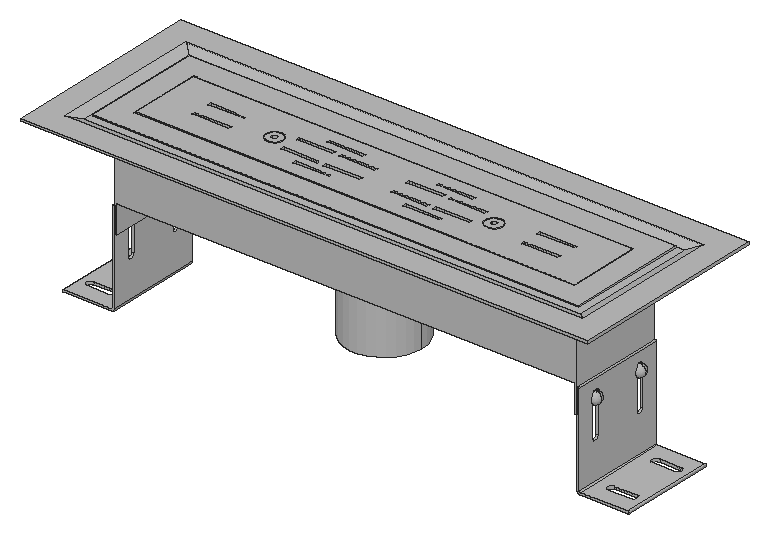
Revit family "xxxFloor_Drain-Linear-Whitehall_Manufacturing-BestCare-WHLVD_Series.rfaxxx", category Plumbing Fixtures, host Face, Revit 2019
Family settings
  Host = Face
  Round Connector Dimension = Use Diameter
  Part Type = Normal
  OmniClass Number = 23.45.55.21
  OmniClass Title = Drains (Wastes)
  Cut with Voids When Loaded = Yes
  Shared = No
  Room Calculation Point = No
Parameters (values of type "WHLVD-12")
  Waste Connection = yes
  WFU = 0
  Vent Connection = no
  WHLVD-24 24” Linear Vinyl Clamping Drain = no
  URL = "https://www.whitehallmfg.com/home"
  WHLVD-36 36” Linear Vinyl Clamping Drain = no
  WHLVD-12 12” Linear Vinyl Clamping Drain = yes
  Product Page URL = "https://www.whitehallmfg.com/product.aspx?ProductId=1139"
  Product Documentation Link = "https://www.whitehallmfg.com/uploads/fileLibrary/WHLVD.pdf"
  Outlet Diameter Connection = 2"
  Open Area = "3.00 sq. in."
  Model = "WHLVD-12"
  Materials = "Stainless Steel-Whitehall Mfg-Satin"
  Manufacturer = "Whitehall Manufacturing"
  Installation Type = "Floor Mounted"
  Installation Instruction Link = "https://www.whitehallmfg.com/uploads/fileLibrary/6900-224-001%20WHLVD.pdf"
  WHLVD-48 48” Linear Vinyl Clamping Drain = no
  Height = 4 7/8"
  HWFU = 0
  HW Connection = no
  Finish = Stainless Steel-Whitehall Mfg-Satin
  Description = "BestCare® Ligature-Resistant Linear Drain for Vinyl Floor"
  Default Elevation = 2"
  Creation Date = "11/07/2022"
  Compliance Certifications = "Member of U.S. Green Building Council, Recyclable ProductMember of U.S. Green Building Council, Recyclable Product"
  CWFU = 0
  CW Connection = no
  Assembly Code = "D2030300"
  A/2 = A / 4  # 3"
  A = 12"
Types (5): name | WHLVD-24 24” Linear Vinyl Clamping Drain | WHLVD-36 36” Linear Vinyl Clamping Drain | WHLVD-12 12” Linear Vinyl Clamping Drain | Open Area | Model | WHLVD-48 48” Linear Vinyl Clamping Drain | A/2 | A
  (no name) | no | no | yes | "3.00 sq. in." | "WHLVD-12" | no | 3" | 12"
  WHLVD-12 | no | no | yes | "3.00 sq. in." | "WHLVD-12" | no | 3" | 12"
  WHLVD-24 | yes | no | no | "5.90 sq. in." | "WHLVD-24" | no | 6" | 24"
  WHLVD-36 | no | yes | no | "9.27 sq. in." | "WHLVD-36" | no | 9" | 36"
  WHLVD-48 | no | no | no | "12.50 sq. in." | "WHLVD-48" | yes | 12" | 48"
Reference planes (in)
  plane 1 "Center (Front/Back)": y = 0
  plane 2: z = 0
  plane 3 "Center (Left/Right)": x = 0
  plane 4 "A-left": x = -6
  plane 5 "A-right": x = 6
  plane 6: x = -7.75
  plane 7: x = 7.75
  plane 8 "2 top": y = 1
  plane 9 "2 bot": y = -1
  plane 10: y = 1.3125
  plane 11: y = -1.3125
  plane 12: y = 2.75
  plane 13: y = -2.75
  plane 14: x = -3
  plane 15: x = 3
  plane 16: x = -3
  plane 17: x = -4.5
  plane 18: x = -1.5
  plane 19: x = -3
  plane 20: x = 3
  plane 21: x = 4.5
  plane 22: x = 1.5
  plane 23: z = -3.75
  plane 24: z = -4.875
Forms (in)
  Sweep 1, solid, material "Stainless Steel-Whitehall Mfg-Satin" <- "Finish"
    path origin (0, 0, 0) x (1, 0, 0) y (0, 1, 0)
      loop
        line (7.75, 2.75) -> (-7.75, 2.75) -> (-7.75, -2.75) -> (7.75, -2.75) -> (7.75, 2.75)
    profile origin (0, 2.75, 0) x (0, -1, 0) y (0, 0, 1)
      loop
        line (1.49219, -0.15598) -> (1.71875, -0.15598) -> (1.71875, 0) -> (1.09947, 0) -> (1.09947, -0.03928) -> (1.29936, -0.03928) -> (1.29936, -0.09824) -> (0.96892, -0.09824) -> (0.67902, 0) -> (0, 0) -> (0, -0.06238) -> (0.69272, -0.06238) -> (0.96892, -0.15598) -> (1.4375, -0.15598) -> (1.4375, -2.19411) -> (1.49219, -2.19411) -> (1.49219, -0.15598)
  Extrusion 2, solid, material "Stainless Steel-Whitehall Mfg-Satin" <- "Finish"
    sketch origin (0, 0, 0) x (1, 0, 0) y (0, 1, 0)
      loop
        line (-6, 1) -> (-6, -1) -> (6, -1) -> (6, 1) -> (-6, 1)
    from -0.15598 to 0
  Extrusion 3, void
    sketch origin (0, 0, 0) x (1, 0, 0) y (0, 1, 0)
      loop
        circle (-3, 0) r 0.22266
      loop
        circle (3, 0) r 0.22266
      loop
        circle (-3, 0) r 0.07117
      loop
        circle (3, 0) r 0.07117
      loop
        circle (-3, 0) r 0.23828
      loop
        circle (3, 0) r 0.23828
    from -0.15598 to 0
  Extrusion 4, void
    sketch origin (0, 0, 0) x (1, 0, 0) y (0, 1, 0)
      loop
        line (-5, 0.3125) -> (-5, 0.21875) -> (-4, 0.21875) -> (-4, 0.3125) -> (-5, 0.3125)
      loop
        line (-5, -0.3125) -> (-4, -0.3125) -> (-4, -0.21875) -> (-5, -0.21875) -> (-5, -0.3125)
      loop
        line (-1.57812, 0.3125) -> (-2.57812, 0.3125) -> (-2.57812, 0.21875) -> (-1.57812, 0.21875) -> (-1.57812, 0.3125)
      loop
        line (-1.42187, 0.3125) -> (-1.42187, 0.21875) -> (-0.42187, 0.21875) -> (-0.42187, 0.3125) -> (-1.42187, 0.3125)
      loop
        line (-1, 0.625) -> (-2, 0.625) -> (-2, 0.53125) -> (-1, 0.53125) -> (-1, 0.625)
      loop
        line (-1, -0.625) -> (-1, -0.53125) -> (-2, -0.53125) -> (-2, -0.625) -> (-1, -0.625)
      loop
        line (-1.57812, -0.3125) -> (-1.57812, -0.21875) -> (-2.57812, -0.21875) -> (-2.57812, -0.3125) -> (-1.57812, -0.3125)
      loop
        line (-1.42187, -0.3125) -> (-0.42187, -0.3125) -> (-0.42187, -0.21875) -> (-1.42187, -0.21875) -> (-1.42187, -0.3125)
      loop
        line (5, 0.3125) -> (4, 0.3125) -> (4, 0.21875) -> (5, 0.21875) -> (5, 0.3125)
      loop
        line (5, -0.3125) -> (5, -0.21875) -> (4, -0.21875) -> (4, -0.3125) -> (5, -0.3125)
      loop
        line (1.57813, 0.3125) -> (1.57813, 0.21875) -> (2.57813, 0.21875) -> (2.57813, 0.3125) -> (1.57813, 0.3125)
      loop
        line (1.42188, 0.3125) -> (0.42188, 0.3125) -> (0.42188, 0.21875) -> (1.42188, 0.21875) -> (1.42188, 0.3125)
      loop
        line (1, 0.625) -> (1, 0.53125) -> (2, 0.53125) -> (2, 0.625) -> (1, 0.625)
      loop
        line (1.57813, -0.3125) -> (2.57813, -0.3125) -> (2.57813, -0.21875) -> (1.57813, -0.21875) -> (1.57813, -0.3125)
      loop
        line (1.42188, -0.3125) -> (1.42188, -0.21875) -> (0.42188, -0.21875) -> (0.42188, -0.3125) -> (1.42188, -0.3125)
      loop
        line (1, -0.625) -> (2, -0.625) -> (2, -0.53125) -> (1, -0.53125) -> (1, -0.625)
    from -0.40789 to 0.10605
  Sweep 5, solid, material "Stainless Steel-Whitehall Mfg-Satin" <- "Finish"
    path origin (0, 0, 0) x (1, 0, 0) y (0, 1, 0)
      loop
        circle (0, 0) r 1
    profile origin (0, 1, 0) x (0, -1, 0) y (0, 0, 1)
      loop
        line (0, -3.75) -> (0, -2.19411) -> (-0.03831, -2.19411) -> (-0.03831, -3.75) -> (0, -3.75)
  Extrusion 6, solid, material "Stainless Steel-Whitehall Mfg-Satin" <- "Finish"
    sketch origin (6.25781, 1.25781, -2.19411) x (0, 1, 0) y (1, 0, 0)
      loop
        line (0, 0) -> (-2.51562, 0) -> (-2.51562, -12.51562) -> (0, -12.51562) -> (0, 0)
    from 0 to -0.06808
  Sweep 7, solid, material "Stainless Steel-Whitehall Mfg-Satin" <- "Finish"
    path origin (6.25781, 1.25781, -2.19411) x (0, 1, 0) y (-1, 0, 0)
      loop
        line (-2.57031, 12.57031) -> (0.05469, 12.57031)
    profile origin (-6.3125, 0, -2.19411) x (-1, 0, 0) y (0, 0, 1)
      loop
        arc (0, -2.58545) -> (0.02796, -2.65294) -> (0.09545, -2.68089) r 0.09545
        line (0.09545, -2.68089) -> (1.40625, -2.68089)
        arc (1.40625, -2.68089) -> (1.4375, -2.64964) -> (1.40625, -2.61839) r 0.03125
        line (1.40625, -2.61839) -> (0.09545, -2.61839)
        arc (0.09545, -2.61839) -> (0.07215, -2.60874) -> (0.0625, -2.58545) r 0.03295
        line (0.0625, -2.58545) -> (0.0625, -0.08984)
        arc (0.0625, -0.08984) -> (0.03125, -0.05859) -> (0, -0.08984) r 0.03125
        line (0, -0.08984) -> (0, -2.58545)
  Sweep 8, solid, material "Stainless Steel-Whitehall Mfg-Satin" <- "Finish"
    path origin (6.25781, 1.25781, -2.19411) x (0, 1, 0) y (-1, 0, 0)
      loop
        line (-2.57031, 12.57031) -> (0.05469, 12.57031)
    profile origin (-6.3125, 0, -2.19411) x (-1, 0, 0) y (0, 0, 1)
      loop
        line (-0.0625, -0.75) -> (0, -0.75) -> (0, 0) -> (-0.0625, 0) -> (-0.0625, -0.75)
  Sweep 9, solid, material "Stainless Steel-Whitehall Mfg-Satin" <- "Finish"
    path origin (-39.25781, 1.25781, -2.19411) x (0, -1, 0) y (1, 0, 0)
      loop
        line (2.57031, 45.57031) -> (-0.05469, 45.57031)
    profile origin (6.3125, 0, -2.19411) x (-1, 0, 0) y (0, 0, 1)
      loop
        line (0, -2.58545) -> (0, -0.08984)
        arc (0, -0.08984) -> (-0.03125, -0.05859) -> (-0.0625, -0.08984) r 0.03125
        line (-0.0625, -0.08984) -> (-0.0625, -2.58545)
        arc (-0.0625, -2.58545) -> (-0.07215, -2.60874) -> (-0.09545, -2.61839) r 0.03295
        line (-0.09545, -2.61839) -> (-1.40625, -2.61839)
        arc (-1.40625, -2.61839) -> (-1.4375, -2.64964) -> (-1.40625, -2.68089) r 0.03125
        line (-1.40625, -2.68089) -> (-0.09545, -2.68089)
        arc (-0.09545, -2.68089) -> (-0.02796, -2.65294) -> (0, -2.58545) r 0.09545
  Sweep 10, solid, material "Stainless Steel-Whitehall Mfg-Satin" <- "Finish"
    path origin (-39.25781, 1.25781, -2.19411) x (0, -1, 0) y (1, 0, 0)
      loop
        line (2.57031, 45.57031) -> (-0.05469, 45.57031)
    profile origin (6.3125, 0, -2.19411) x (-1, 0, 0) y (0, 0, 1)
      loop
        line (0.0625, -0.75) -> (0.0625, 0) -> (0, 0) -> (0, -0.75) -> (0.0625, -0.75)
  Sweep 11, void
    path origin (0, 0, 0) x (1, 0, 0) y (0, 0, 1)
      loop
        line (-7.06335, -4.8125) -> (-7.06335, -4.875)
    profile origin (-7.06335, 0, -4.84375) x (0, -1, 0) y (1, 0, 0)
      loop
        line (-0.65149, -0.3604) -> (-0.65149, 0.2371)
        arc (-0.65149, 0.2371) -> (-0.75895, 0.34456) -> (-0.86642, 0.2371) r 0.10747
        line (-0.86642, 0.2371) -> (-0.86642, -0.3604)
        arc (-0.86642, -0.3604) -> (-0.75895, -0.46787) -> (-0.65149, -0.3604) r 0.10747
      loop
        arc (0.65149, -0.3604) -> (0.75895, -0.46787) -> (0.86642, -0.3604) r 0.10747
        line (0.86642, -0.3604) -> (0.86642, 0.2371)
        arc (0.86642, 0.2371) -> (0.75895, 0.34456) -> (0.65149, 0.2371) r 0.10747
        line (0.65149, 0.2371) -> (0.65149, -0.3604)
  Sweep 12, void
    path origin (0, 0, 0) x (-1, 0, 0) y (0, 0, 1)
      loop
        line (-7.06335, -4.8125) -> (-7.06335, -4.875)
    profile origin (7.06335, 0, -4.84375) x (0, -1, 0) y (1, 0, 0)
      loop
        arc (-0.65149, 0.3604) -> (-0.75895, 0.46787) -> (-0.86642, 0.3604) r 0.10747
        line (-0.86642, 0.3604) -> (-0.86642, -0.2371)
        arc (-0.86642, -0.2371) -> (-0.75895, -0.34456) -> (-0.65149, -0.2371) r 0.10747
        line (-0.65149, -0.2371) -> (-0.65149, 0.3604)
      loop
        line (0.65149, 0.3604) -> (0.65149, -0.2371)
        arc (0.65149, -0.2371) -> (0.75895, -0.34456) -> (0.86642, -0.2371) r 0.10747
        line (0.86642, -0.2371) -> (0.86642, 0.3604)
        arc (0.86642, 0.3604) -> (0.75895, 0.46787) -> (0.65149, 0.3604) r 0.10747
  Sweep 13, void
    path origin (0, 0, 0.125) x (1, 0, 0) y (0, 0, 1)
      loop
        line (-6.375, -3.25) -> (-6.3125, -3.25)
    profile origin (-6.34375, 0, -3.125) x (0, 0, 1) y (0, -1, 0)
      loop
        line (-0.57914, -0.86642) -> (0.49076, -0.86642)
        arc (0.49076, -0.86642) -> (0.59823, -0.75895) -> (0.49076, -0.65149) r 0.10747
        line (0.49076, -0.65149) -> (-0.57914, -0.65149)
        arc (-0.57914, -0.65149) -> (-0.68661, -0.75895) -> (-0.57914, -0.86642) r 0.10747
      loop
        arc (-0.57914, 0.86642) -> (-0.68661, 0.75895) -> (-0.57914, 0.65149) r 0.10747
        line (-0.57914, 0.65149) -> (0.49076, 0.65149)
        arc (0.49076, 0.65149) -> (0.59823, 0.75895) -> (0.49076, 0.86642) r 0.10747
        line (0.49076, 0.86642) -> (-0.57914, 0.86642)
  Revolve 14, solid, material "Stainless Steel-Whitehall Mfg-Satin" <- "Finish"
    sketch origin (0, 0.75895, -0.14063) x (1, 0, 0) y (0, 0, 1)
      loop
        line (-6.375, -2.5984) -> (-6.375, -2.43955)
        arc (-6.375, -2.43955) -> (-6.48733, -2.48608) -> (-6.53385, -2.5984) r 0.15885
        line (-6.53385, -2.5984) -> (-6.375, -2.5984)
      axis (-6.53385, -2.5984) -> (-6.375, -2.5984)
    angle from 0 to 360
  Revolve 15, solid, material "Stainless Steel-Whitehall Mfg-Satin" <- "Finish"
    sketch origin (0, -0.75895, -0.14063) x (1, 0, 0) y (0, 0, -1)
      loop
        line (-6.375, 2.5984) -> (-6.53385, 2.5984)
        arc (-6.53385, 2.5984) -> (-6.48733, 2.48608) -> (-6.375, 2.43955) r 0.15885
        line (-6.375, 2.43955) -> (-6.375, 2.5984)
      axis (-6.53385, 2.5984) -> (-6.375, 2.5984)
    angle from 0 to 360
  Sweep 16, void
    path origin (0, 0, 0.125) x (-1, 0, 0) y (0, 0, 1)
      loop
        line (-6.375, -3.25) -> (-6.3125, -3.25)
    profile origin (6.34375, 0, -3.125) x (0, 0, -1) y (0, -1, 0)
      loop
        arc (0.57914, -0.86642) -> (0.68661, -0.75895) -> (0.57914, -0.65149) r 0.10747
        line (0.57914, -0.65149) -> (-0.49076, -0.65149)
        arc (-0.49076, -0.65149) -> (-0.59823, -0.75895) -> (-0.49076, -0.86642) r 0.10747
        line (-0.49076, -0.86642) -> (0.57914, -0.86642)
      loop
        line (0.57914, 0.86642) -> (-0.49076, 0.86642)
        arc (-0.49076, 0.86642) -> (-0.59823, 0.75895) -> (-0.49076, 0.65149) r 0.10747
        line (-0.49076, 0.65149) -> (0.57914, 0.65149)
        arc (0.57914, 0.65149) -> (0.68661, 0.75895) -> (0.57914, 0.86642) r 0.10747
  Revolve 17, solid, material "Stainless Steel-Whitehall Mfg-Satin" <- "Finish"
    sketch origin (0, 0.75895, -0.14063) x (-1, 0, 0) y (0, 0, -1)
      loop
        line (-6.375, 2.5984) -> (-6.53385, 2.5984)
        arc (-6.53385, 2.5984) -> (-6.48733, 2.48608) -> (-6.375, 2.43955) r 0.15885
        line (-6.375, 2.43955) -> (-6.375, 2.5984)
      axis (-6.53385, 2.5984) -> (-6.375, 2.5984)
    angle from 0 to 360
  Revolve 18, solid, material "Stainless Steel-Whitehall Mfg-Satin" <- "Finish"
    sketch origin (0, -0.75895, -0.14063) x (-1, 0, 0) y (0, 0, 1)
      loop
        line (-6.375, -2.5984) -> (-6.375, -2.43955)
        arc (-6.375, -2.43955) -> (-6.48733, -2.48608) -> (-6.53385, -2.5984) r 0.15885
        line (-6.53385, -2.5984) -> (-6.375, -2.5984)
      axis (-6.53385, -2.5984) -> (-6.375, -2.5984)
    angle from 0 to 360
  Extrusion 19, void
    sketch origin (7.75, 2.75, 0) x (0, -1, 0) y (-1, 0, 0)
      loop
        line (5.5, 0) -> (5.5, 15.5) -> (0, 15.5) -> (0, 0) -> (5.5, 0)
    from 4.875 to 0
Cuts and joins
  Extrusion 3, Sweep 13, Sweep 16 cuts Sweep 1
  Sweep 13, Sweep 16 cuts Extrusion 6
  Sweep 13, Sweep 16 cuts Sweep 8
  Sweep 13, Sweep 16 cuts Sweep 10
  joined: Sweep 1, Extrusion 6, Sweep 8, Sweep 10
  Extrusion 3, Extrusion 4 cuts Extrusion 2
  Sweep 11, Sweep 12, Sweep 13, Sweep 16 cuts Sweep 7
  Sweep 12, Sweep 16 cuts Sweep 9
  Sweep 16 cuts Revolve 14
  Sweep 16 cuts Revolve 15
Lines and regions (in)
  Masking region 1
    outline origin (0, 0, 0) x (1, 0, 0) y (0, 1, 0)
      loop
        line (7.75, 2.75) -> (-7.75, 2.75) -> (-7.75, -2.75) -> (7.75, -2.75) -> (7.75, 2.75)
  symbolic lines, detail levels medium+fine
    curve 1: line (-6, 1, 0) -> (-6, -1, 0)
    curve 2: line (6, 1, 0) -> (-6, 1, 0)
    curve 3: line (-6, -1, 0) -> (6, -1, 0)
    curve 4: line (6, -1, 0) -> (6, 1, 0)
    curve 5: line (-7.07098, -2.07098, 0) -> (-7.07098, 2.07098, 0)
    curve 6: line (-7.07098, 2.07098, 0) -> (7.07098, 2.07098, 0)
    curve 7: line (7.07098, -2.07098, 0) -> (-7.07098, -2.07098, 0)
    curve 8: line (7.07098, 2.07098, 0) -> (7.07098, -2.07098, 0)
    curve 9: line (6.78108, 1.78108, 0) -> (6.78108, -1.78108, 0)
    curve 10: line (-6.78108, 1.78108, 0) -> (6.78108, 1.78108, 0)
    curve 11: line (6.78108, -1.78108, 0) -> (-6.78108, -1.78108, 0)
    curve 12: line (-6.78108, -1.78108, 0) -> (-6.78108, 1.78108, 0)
    curve 17: line (7.07098, 2.07098, 0) -> (6.78108, 1.78108, 0)
    curve 18: line (7.07098, -2.07098, 0) -> (6.78108, -1.78108, 0)
    curve 19: line (-7.07098, -2.07098, 0) -> (-6.78108, -1.78108, 0)
    curve 20: line (-6.78108, 1.78108, 0) -> (-7.07098, 2.07098, 0)
  symbolic lines, detail levels fine
    curve 13: line (-6.65053, 1.65053, 0) -> (-6.65053, -1.65053, 0)
    curve 14: line (6.65053, 1.65053, 0) -> (-6.65053, 1.65053, 0)
    curve 15: line (-6.65053, -1.65053, 0) -> (6.65053, -1.65053, 0)
    curve 16: line (6.65053, -1.65053, 0) -> (6.65053, 1.65053, 0)
    curve 21: line (-4, -0.3125, 0) -> (-5, -0.3125, 0)
    curve 22: line (-5, -0.3125, 0) -> (-5, -0.21875, 0)
    curve 23: line (-5, -0.21875, 0) -> (-4, -0.21875, 0)
    curve 24: line (-4, -0.21875, 0) -> (-4, -0.3125, 0)
    curve 25: line (-4, 0.21875, 0) -> (-5, 0.21875, 0)
    curve 26: line (-5, 0.21875, 0) -> (-5, 0.3125, 0)
    curve 27: line (-5, 0.3125, 0) -> (-4, 0.3125, 0)
    curve 28: line (-4, 0.3125, 0) -> (-4, 0.21875, 0)
    curve 29: line (-1.57812, 0.21875, 0) -> (-2.57812, 0.21875, 0)
    curve 30: line (-2.57812, 0.21875, 0) -> (-2.57812, 0.3125, 0)
    curve 31: line (-2.57812, 0.3125, 0) -> (-1.57812, 0.3125, 0)
    curve 32: line (-1.57812, 0.3125, 0) -> (-1.57812, 0.21875, 0)
    curve 33: line (-0.42187, 0.21875, 0) -> (-1.42187, 0.21875, 0)
    curve 34: line (-1.42187, 0.21875, 0) -> (-1.42187, 0.3125, 0)
    curve 35: line (-1.42187, 0.3125, 0) -> (-0.42187, 0.3125, 0)
    curve 36: line (-0.42187, 0.3125, 0) -> (-0.42187, 0.21875, 0)
    curve 37: line (-1, 0.53125, 0) -> (-2, 0.53125, 0)
    curve 38: line (-2, 0.53125, 0) -> (-2, 0.625, 0)
    curve 39: line (-2, 0.625, 0) -> (-1, 0.625, 0)
    curve 40: line (-1, 0.625, 0) -> (-1, 0.53125, 0)
    curve 41: line (-1, -0.625, 0) -> (-2, -0.625, 0)
    curve 42: line (-2, -0.625, 0) -> (-2, -0.53125, 0)
    curve 43: line (-2, -0.53125, 0) -> (-1, -0.53125, 0)
    curve 44: line (-1, -0.53125, 0) -> (-1, -0.625, 0)
    curve 45: line (2, -0.625, 0) -> (1, -0.625, 0)
    curve 46: line (1, -0.625, 0) -> (1, -0.53125, 0)
    curve 47: line (1, -0.53125, 0) -> (2, -0.53125, 0)
    curve 48: line (2, -0.53125, 0) -> (2, -0.625, 0)
    curve 49: line (1.42188, -0.3125, 0) -> (0.42188, -0.3125, 0)
    curve 50: line (0.42188, -0.3125, 0) -> (0.42188, -0.21875, 0)
    curve 51: line (0.42188, -0.21875, 0) -> (1.42188, -0.21875, 0)
    curve 52: line (1.42188, -0.21875, 0) -> (1.42188, -0.3125, 0)
    curve 53: line (2.57813, -0.3125, 0) -> (1.57813, -0.3125, 0)
    curve 54: line (1.57813, -0.3125, 0) -> (1.57813, -0.21875, 0)
    curve 55: line (1.57813, -0.21875, 0) -> (2.57813, -0.21875, 0)
    curve 56: line (2.57813, -0.21875, 0) -> (2.57813, -0.3125, 0)
    curve 57: line (2.57813, 0.21875, 0) -> (1.57813, 0.21875, 0)
    curve 58: line (1.57813, 0.21875, 0) -> (1.57813, 0.3125, 0)
    curve 59: line (1.57813, 0.3125, 0) -> (2.57813, 0.3125, 0)
    curve 60: line (2.57813, 0.3125, 0) -> (2.57813, 0.21875, 0)
    curve 61: line (1.42188, 0.21875, 0) -> (0.42188, 0.21875, 0)
    curve 62: line (0.42188, 0.21875, 0) -> (0.42188, 0.3125, 0)
    curve 63: line (0.42188, 0.3125, 0) -> (1.42188, 0.3125, 0)
    curve 64: line (1.42188, 0.3125, 0) -> (1.42188, 0.21875, 0)
    curve 65: line (2, 0.53125, 0) -> (1, 0.53125, 0)
    curve 66: line (1, 0.53125, 0) -> (1, 0.625, 0)
    curve 67: line (1, 0.625, 0) -> (2, 0.625, 0)
    curve 68: line (2, 0.625, 0) -> (2, 0.53125, 0)
    curve 69: line (5, 0.21875, 0) -> (4, 0.21875, 0)
    curve 70: line (4, 0.21875, 0) -> (4, 0.3125, 0)
    curve 71: line (4, 0.3125, 0) -> (5, 0.3125, 0)
    curve 72: line (5, 0.3125, 0) -> (5, 0.21875, 0)
    curve 73: line (5, -0.3125, 0) -> (4, -0.3125, 0)
    curve 74: line (4, -0.3125, 0) -> (4, -0.21875, 0)
    curve 75: line (4, -0.21875, 0) -> (5, -0.21875, 0)
    curve 76: line (5, -0.21875, 0) -> (5, -0.3125, 0)
    curve 77: arc (3.23828, 0, 0) -> (3, -0.23828, 0) -> (2.76172, 0, 0) r 0.23828
    curve 78: arc (2.76172, 0, 0) -> (3, 0.23828, 0) -> (3.23828, 0, 0) r 0.23828
    curve 79: arc (-2.76172, 0, 0) -> (-3, -0.23828, 0) -> (-3.23828, 0, 0) r 0.23828
    curve 80: arc (-3.23828, 0, 0) -> (-3, 0.23828, 0) -> (-2.76172, 0, 0) r 0.23828
Dimensions and locks (in)
  "A": plane 4 "A-left" to plane 5 "A-right"
  equal spacing: plane 4 "A-left", plane 3 "Center (Left/Right)", plane 5 "A-right"
  locked: plane 6 to plane 4 "A-left" at 1.75
  locked: plane 5 "A-right" to plane 7 at 1.75
  locked: plane 12 to plane 8 "2 top" at 1.75
  locked: plane 9 "2 bot" to plane 13 at 1.75
  plane 9 "2 bot" to plane 8 "2 top" = 2"
  equal spacing: plane 4 "A-left", plane 16, plane 3 "Center (Left/Right)"
  locked: Extrusion 4 sketch curve to Extrusion 4 sketch curve at 1
  equal spacing: plane 4 "A-left", plane 17, plane 16
  Extrusion 4 sketch curve to plane 17 to Extrusion 4 sketch curve = 1/2" locked, 1/2" locked
  Extrusion 4 sketch curve to Extrusion 4 sketch curve to plane 18 to Extrusion 4 sketch curve to Extrusion 4 sketch curve = 1" locked, 5/64" locked, 5/64" locked, 1" locked
  Extrusion 4 sketch curve to plane 18 to Extrusion 4 sketch curve = 1/2" locked, 1/2" locked
  equal spacing: plane 16, plane 18, plane 3 "Center (Left/Right)"
  "A/2": plane 19 to plane 3 "Center (Left/Right)"
  "A/2": plane 20 to plane 3 "Center (Left/Right)"
  equal spacing: plane 20, plane 21, plane 5 "A-right"
  Extrusion 4 sketch curve to plane 21 to Extrusion 4 sketch curve = 1/2" locked, 1/2" locked
  equal spacing: plane 3 "Center (Left/Right)", plane 22, plane 20
  Extrusion 4 sketch curve to plane 22 to Extrusion 4 sketch curve = 1/2" locked, 1/2" locked
  Extrusion 4 sketch curve to Extrusion 4 sketch curve to plane 22 to Extrusion 4 sketch curve to Extrusion 4 sketch curve = 1" locked, 5/64" locked, 5/64" locked, 1" locked
  plane 2 to plane 23 = 3 3/4"
  plane 2 to plane 24 = 4 7/8"
  aligned and locked: plane 2 to host face
  aligned and locked: level to host face
  aligned and locked: Sweep 1 sketch curve to plane 12
  aligned and locked: Sweep 1 sketch curve to plane 6
  aligned and locked: Sweep 1 sketch curve to plane 13
  aligned and locked: plane 7 to Sweep 1 sketch curve
  aligned and locked: Extrusion 2 sketch curve to plane 8 "2 top"
  aligned and locked: Extrusion 2 sketch curve to plane 4 "A-left"
  aligned and locked: plane 9 "2 bot" to Extrusion 2 sketch curve
  aligned and locked: Extrusion 2 sketch curve to plane 5 "A-right"
  aligned and locked: Sweep 1 to Extrusion 2  (x2)
  aligned and locked: plane 14 to Extrusion 3 sketch curve  (x3)
  aligned and locked: plane 15 to Extrusion 3 sketch curve  (x3)
  aligned and locked: Sweep 1 sketch curve to plane 10
  aligned and locked: Extrusion 4 sketch curve to Extrusion 4 sketch curve  (x15)
  aligned and locked: plane 14 to plane 19
  aligned and locked: plane 20 to plane 15
  aligned and locked: Extrusion 6 sketch curve to cut or joined group of Sweep 1, Extrusion 3, Extrusion 6, Sweep 8, Sweep 10, Sweep 13, Sweep 16  (x4)
  aligned and locked: Sweep 7 sketch curve to cut or joined group of Sweep 1, Extrusion 3, Extrusion 6, Sweep 8, Sweep 10, Sweep 13, Sweep 16
  aligned and locked: plane 24 to Sweep 7 sketch curve
  aligned and locked: Revolve 14 sketch curve to Revolve 14 sketch curve
  aligned and locked: Revolve 15 sketch curve to Revolve 15 sketch curve
  aligned and locked: Revolve 17 sketch curve to Revolve 17 sketch curve
  aligned and locked: Revolve 18 sketch curve to Revolve 18 sketch curve
  aligned and locked: Masking region 1 sketch curve to cut or joined group of Sweep 1, Extrusion 3, Extrusion 6, Sweep 8, Sweep 10, Sweep 13, Sweep 16  (x4)
  aligned and locked: curve 1 to cut or joined group of Extrusion 2, Extrusion 3, Extrusion 4
  aligned and locked: curve 2 to cut or joined group of Extrusion 2, Extrusion 3, Extrusion 4
  aligned and locked: curve 3 to cut or joined group of Extrusion 2, Extrusion 3, Extrusion 4
  aligned and locked: curve 4 to cut or joined group of Extrusion 2, Extrusion 3, Extrusion 4
  aligned and locked: curve 5 to cut or joined group of Sweep 1, Extrusion 3, Extrusion 6, Sweep 8, Sweep 10, Sweep 13, Sweep 16
  aligned and locked: curve 6 to cut or joined group of Sweep 1, Extrusion 3, Extrusion 6, Sweep 8, Sweep 10, Sweep 13, Sweep 16
  aligned and locked: curve 7 to cut or joined group of Sweep 1, Extrusion 3, Extrusion 6, Sweep 8, Sweep 10, Sweep 13, Sweep 16
  aligned and locked: curve 8 to cut or joined group of Sweep 1, Extrusion 3, Extrusion 6, Sweep 8, Sweep 10, Sweep 13, Sweep 16
  aligned and locked: curve 9 to cut or joined group of Sweep 1, Extrusion 3, Extrusion 6, Sweep 8, Sweep 10, Sweep 13, Sweep 16
  aligned and locked: curve 10 to cut or joined group of Sweep 1, Extrusion 3, Extrusion 6, Sweep 8, Sweep 10, Sweep 13, Sweep 16
  aligned and locked: curve 11 to cut or joined group of Sweep 1, Extrusion 3, Extrusion 6, Sweep 8, Sweep 10, Sweep 13, Sweep 16
  aligned and locked: curve 12 to cut or joined group of Sweep 1, Extrusion 3, Extrusion 6, Sweep 8, Sweep 10, Sweep 13, Sweep 16
  aligned and locked: curve 13 to cut or joined group of Sweep 1, Extrusion 3, Extrusion 6, Sweep 8, Sweep 10, Sweep 13, Sweep 16
  aligned and locked: curve 14 to cut or joined group of Sweep 1, Extrusion 3, Extrusion 6, Sweep 8, Sweep 10, Sweep 13, Sweep 16
  aligned and locked: curve 15 to cut or joined group of Sweep 1, Extrusion 3, Extrusion 6, Sweep 8, Sweep 10, Sweep 13, Sweep 16
  aligned and locked: curve 16 to cut or joined group of Sweep 1, Extrusion 3, Extrusion 6, Sweep 8, Sweep 10, Sweep 13, Sweep 16
  aligned and locked: curve 17 to cut or joined group of Sweep 1, Extrusion 3, Extrusion 6, Sweep 8, Sweep 10, Sweep 13, Sweep 16
  aligned and locked: curve 18 to cut or joined group of Sweep 1, Extrusion 3, Extrusion 6, Sweep 8, Sweep 10, Sweep 13, Sweep 16
  aligned and locked: curve 19 to cut or joined group of Sweep 1, Extrusion 3, Extrusion 6, Sweep 8, Sweep 10, Sweep 13, Sweep 16
  aligned and locked: curve 20 to cut or joined group of Sweep 1, Extrusion 3, Extrusion 6, Sweep 8, Sweep 10, Sweep 13, Sweep 16
  aligned and locked: curve 21 to cut or joined group of Extrusion 2, Extrusion 3, Extrusion 4
  aligned and locked: curve 22 to cut or joined group of Extrusion 2, Extrusion 3, Extrusion 4
  aligned and locked: curve 23 to cut or joined group of Extrusion 2, Extrusion 3, Extrusion 4
  aligned and locked: curve 24 to cut or joined group of Extrusion 2, Extrusion 3, Extrusion 4
  aligned and locked: curve 25 to cut or joined group of Extrusion 2, Extrusion 3, Extrusion 4
  aligned and locked: curve 26 to cut or joined group of Extrusion 2, Extrusion 3, Extrusion 4
  aligned and locked: curve 27 to cut or joined group of Extrusion 2, Extrusion 3, Extrusion 4
  aligned and locked: curve 28 to cut or joined group of Extrusion 2, Extrusion 3, Extrusion 4
  aligned and locked: curve 29 to cut or joined group of Extrusion 2, Extrusion 3, Extrusion 4
  aligned and locked: curve 30 to cut or joined group of Extrusion 2, Extrusion 3, Extrusion 4
  aligned and locked: curve 31 to cut or joined group of Extrusion 2, Extrusion 3, Extrusion 4
  aligned and locked: curve 32 to cut or joined group of Extrusion 2, Extrusion 3, Extrusion 4
  aligned and locked: curve 33 to cut or joined group of Extrusion 2, Extrusion 3, Extrusion 4
  aligned and locked: curve 34 to cut or joined group of Extrusion 2, Extrusion 3, Extrusion 4
  aligned and locked: curve 35 to cut or joined group of Extrusion 2, Extrusion 3, Extrusion 4
  aligned and locked: curve 36 to cut or joined group of Extrusion 2, Extrusion 3, Extrusion 4
  aligned and locked: curve 37 to cut or joined group of Extrusion 2, Extrusion 3, Extrusion 4
  aligned and locked: curve 38 to cut or joined group of Extrusion 2, Extrusion 3, Extrusion 4
  aligned and locked: curve 39 to cut or joined group of Extrusion 2, Extrusion 3, Extrusion 4
  aligned and locked: curve 40 to cut or joined group of Extrusion 2, Extrusion 3, Extrusion 4
  aligned and locked: curve 41 to cut or joined group of Extrusion 2, Extrusion 3, Extrusion 4
  aligned and locked: curve 42 to cut or joined group of Extrusion 2, Extrusion 3, Extrusion 4
  aligned and locked: curve 43 to cut or joined group of Extrusion 2, Extrusion 3, Extrusion 4
  aligned and locked: curve 44 to cut or joined group of Extrusion 2, Extrusion 3, Extrusion 4
  aligned and locked: curve 45 to cut or joined group of Extrusion 2, Extrusion 3, Extrusion 4
  aligned and locked: curve 46 to cut or joined group of Extrusion 2, Extrusion 3, Extrusion 4
  aligned and locked: curve 47 to cut or joined group of Extrusion 2, Extrusion 3, Extrusion 4
  aligned and locked: curve 48 to cut or joined group of Extrusion 2, Extrusion 3, Extrusion 4
  aligned and locked: curve 49 to cut or joined group of Extrusion 2, Extrusion 3, Extrusion 4
  aligned and locked: curve 50 to cut or joined group of Extrusion 2, Extrusion 3, Extrusion 4
  aligned and locked: curve 51 to cut or joined group of Extrusion 2, Extrusion 3, Extrusion 4
  aligned and locked: curve 52 to cut or joined group of Extrusion 2, Extrusion 3, Extrusion 4
  aligned and locked: curve 53 to cut or joined group of Extrusion 2, Extrusion 3, Extrusion 4
  aligned and locked: curve 54 to cut or joined group of Extrusion 2, Extrusion 3, Extrusion 4
  aligned and locked: curve 55 to cut or joined group of Extrusion 2, Extrusion 3, Extrusion 4
  aligned and locked: curve 56 to cut or joined group of Extrusion 2, Extrusion 3, Extrusion 4
  aligned and locked: curve 57 to cut or joined group of Extrusion 2, Extrusion 3, Extrusion 4
  aligned and locked: curve 58 to cut or joined group of Extrusion 2, Extrusion 3, Extrusion 4
  aligned and locked: curve 59 to cut or joined group of Extrusion 2, Extrusion 3, Extrusion 4
  aligned and locked: curve 60 to cut or joined group of Extrusion 2, Extrusion 3, Extrusion 4
  aligned and locked: curve 61 to cut or joined group of Extrusion 2, Extrusion 3, Extrusion 4
  aligned and locked: curve 62 to cut or joined group of Extrusion 2, Extrusion 3, Extrusion 4
  aligned and locked: curve 63 to cut or joined group of Extrusion 2, Extrusion 3, Extrusion 4
  aligned and locked: curve 64 to cut or joined group of Extrusion 2, Extrusion 3, Extrusion 4
  aligned and locked: curve 65 to cut or joined group of Extrusion 2, Extrusion 3, Extrusion 4
  aligned and locked: curve 66 to cut or joined group of Extrusion 2, Extrusion 3, Extrusion 4
  aligned and locked: curve 67 to cut or joined group of Extrusion 2, Extrusion 3, Extrusion 4
  aligned and locked: curve 68 to cut or joined group of Extrusion 2, Extrusion 3, Extrusion 4
  aligned and locked: curve 69 to cut or joined group of Extrusion 2, Extrusion 3, Extrusion 4
  aligned and locked: curve 70 to cut or joined group of Extrusion 2, Extrusion 3, Extrusion 4
  aligned and locked: curve 71 to cut or joined group of Extrusion 2, Extrusion 3, Extrusion 4
  aligned and locked: curve 72 to cut or joined group of Extrusion 2, Extrusion 3, Extrusion 4
  aligned and locked: curve 73 to cut or joined group of Extrusion 2, Extrusion 3, Extrusion 4
  aligned and locked: curve 74 to cut or joined group of Extrusion 2, Extrusion 3, Extrusion 4
  aligned and locked: curve 75 to cut or joined group of Extrusion 2, Extrusion 3, Extrusion 4
  aligned and locked: curve 76 to cut or joined group of Extrusion 2, Extrusion 3, Extrusion 4
  aligned and locked: curve 77 to cut or joined group of Extrusion 2, Extrusion 3, Extrusion 4
  aligned and locked: curve 78 to cut or joined group of Extrusion 2, Extrusion 3, Extrusion 4
  aligned and locked: curve 79 to cut or joined group of Extrusion 2, Extrusion 3, Extrusion 4
  aligned and locked: curve 80 to cut or joined group of Extrusion 2, Extrusion 3, Extrusion 4
  aligned and locked: Extrusion 19 sketch curve to cut or joined group of Sweep 1, Extrusion 3, Extrusion 6, Sweep 8, Sweep 10, Sweep 13, Sweep 16  (x4)
Automatic sketch dimensions
  host sketch curve to host sketch curve = 96"  (x2)
  Sweep 1 sketch curve to level = 0"  (x2)
  Sweep 1 sketch curve to profile plane = 0"
  Sweep 1 sketch curve to Sweep 1 sketch curve = 0.67902"
  Sweep 1 sketch curve to Sweep 1 sketch curve = 0.01369"
  Sweep 1 sketch curve to level = 0.09824"
  Sweep 1 sketch curve to Sweep 1 sketch curve = 0.2762"
  Sweep 1 sketch curve to Sweep 1 sketch curve = 0"
  Sweep 1 sketch curve to Sweep 1 sketch curve = 0.13055"
  Sweep 1 sketch curve to level = 0.03928"
  Sweep 1 sketch curve to Sweep 1 sketch curve = 0.13814"
  Sweep 1 sketch curve to Sweep 1 sketch curve = 7/128"
  Sweep 1 sketch curve to Sweep 1 sketch curve = 29/128"
  Sweep 1 sketch curve to Sweep 1 sketch curve = 0.05774"
  Sweep 1 sketch curve to Sweep 1 sketch curve = 0.15598"
  Sweep 1 sketch curve to Sweep 1 sketch curve = 2.03812"
  Sweep 1 sketch curve to Sweep 1 sketch curve = 0.06238"
  Extrusion 3 sketch curve to Extrusion 3 sketch curve = 0"  (x6)
  plane 1 "Center (Front/Back)" to Extrusion 3 sketch curve = 0"  (x2)
  Extrusion 4 sketch curve to plane 9 "2 bot" = 3/8"  (x2)
  Extrusion 4 sketch curve to Extrusion 4 sketch curve = 3/32"  (x16)
  plane 1 "Center (Front/Back)" to Extrusion 4 sketch curve = 5/16"  (x4)
  Extrusion 4 sketch curve to Extrusion 4 sketch curve = 0"  (x4)
  Extrusion 4 sketch curve to plane 1 "Center (Front/Back)" = 7/32"  (x4)
  Extrusion 4 sketch curve to plane 8 "2 top" = 15/32"  (x2)
  plane 1 "Center (Front/Back)" to Sweep 5 sketch curve = 0"
  Sweep 5 sketch curve to plane 3 "Center (Left/Right)" = 0"
  Sweep 5 sketch curve to profile plane = 0"
  profile plane to Sweep 5 sketch curve = 0.03831"
  Sweep 5 sketch curve to level = 3 3/4"
  Sweep 5 sketch curve to Sweep 5 sketch curve = 1.55589"
  Sweep 7 sketch curve to Sweep 1 = 0"  (x3)
  Sweep 7 sketch curve to Sweep 7 sketch curve = 0"  (x2)
  Sweep 7 sketch curve to Sweep 7 sketch curve = 1/32"
  Sweep 7 sketch curve to Sweep 7 sketch curve = 0.03295"
  Sweep 7 sketch curve to Sweep 7 sketch curve = 1.3108"
  Sweep 7 sketch curve to profile plane = 23/256"
  Sweep 8 sketch curve to Sweep 1 = 0"  (x3)
  Sweep 8 sketch curve to profile plane = 0"  (x2)
  profile plane to Sweep 8 sketch curve = 1/16"
  Sweep 8 sketch curve to Sweep 8 sketch curve = 3/4"
  Sweep 1 to Sweep 9 sketch curve = 0"  (x2)
  Sweep 9 sketch curve to Sweep 1 = 0"
  Sweep 9 sketch curve to Sweep 9 sketch curve = 0"  (x2)
  Sweep 9 sketch curve to profile plane = 0"
  Sweep 9 sketch curve to Sweep 9 sketch curve = 1/32"
  Sweep 9 sketch curve to Sweep 9 sketch curve = 0.03295"
  Sweep 9 sketch curve to Sweep 9 sketch curve = 1.3108"
  Sweep 9 sketch curve to profile plane = 2.68089"
  Sweep 9 sketch curve to profile plane = 23/256"
  Sweep 1 to Sweep 10 sketch curve = 0"  (x2)
  Sweep 10 sketch curve to Sweep 1 = 0"
  Sweep 10 sketch curve to profile plane = 0"  (x2)
  Sweep 10 sketch curve to Sweep 10 sketch curve = 1/16"
  Sweep 10 sketch curve to Sweep 10 sketch curve = 3/4"
  Sweep 11 sketch curve to plane 24 = 0"
  plane 6 to Sweep 11 sketch curve = 0.68665"
  Sweep 11 sketch curve to Sweep 11 sketch curve = 1/16"
  Sweep 11 sketch curve to plane 1 "Center (Front/Back)" = 0.86642"
  Sweep 11 sketch curve to Sweep 11 sketch curve = 0.10747"  (x2)
  plane 1 "Center (Front/Back)" to Sweep 11 sketch curve = 0.65149"
  profile plane to Sweep 11 sketch curve = 0.3604"  (x2)
  Sweep 11 sketch curve to profile plane = 0.2371"  (x2)
  Sweep 12 sketch curve to plane 24 = 0"
  Sweep 12 sketch curve to plane 7 = 0.68665"
  Sweep 12 sketch curve to Sweep 12 sketch curve = 1/16"
  Sweep 12 sketch curve to plane 1 "Center (Front/Back)" = 0.86642"
  Sweep 12 sketch curve to Sweep 12 sketch curve = 0.10747"  (x2)
  plane 1 "Center (Front/Back)" to Sweep 12 sketch curve = 0.65149"
  profile plane to Sweep 12 sketch curve = 0.2371"  (x2)
  Sweep 12 sketch curve to profile plane = 0.3604"  (x2)
  Sweep 13 sketch curve to plane 4 "A-left" = 3/8"
  Sweep 13 sketch curve to plane 4 "A-left" = 5/16"
  plane 23 to Sweep 13 sketch curve = 5/8"
  profile plane to Sweep 13 sketch curve = 0.57914"  (x2)
  Sweep 13 sketch curve to profile plane = 0.49076"  (x2)
  Sweep 13 sketch curve to plane 1 "Center (Front/Back)" = 0.86642"
  Sweep 13 sketch curve to Sweep 13 sketch curve = 0.10747"  (x2)
  plane 1 "Center (Front/Back)" to Sweep 13 sketch curve = 0.65149"
  Revolve 14 sketch curve to plane 4 "A-left" = 0.53385"
  Revolve 14 sketch curve to Revolve 14 sketch curve = 0.15885"
  plane 23 to Revolve 14 sketch curve = 1.01097"
  Revolve 14 sketch curve to Revolve 14 sketch curve = 1/8"
  Revolve 14 sketch curve to Revolve 14 sketch curve = 0.05745"
  Revolve 15 sketch curve to plane 4 "A-left" = 0.53385"
  Revolve 15 sketch curve to Revolve 15 sketch curve = 0.15885"
  plane 23 to Revolve 15 sketch curve = 1.16983"
  Revolve 15 sketch curve to Revolve 15 sketch curve = 1/8"
  Revolve 15 sketch curve to Revolve 15 sketch curve = 0.05745"
  Sweep 16 sketch curve to plane 5 "A-right" = 3/8"
  Sweep 16 sketch curve to plane 5 "A-right" = 5/16"
  Sweep 16 sketch curve to plane 23 = 5/8"
  profile plane to Sweep 16 sketch curve = 0.49076"  (x2)
  Sweep 16 sketch curve to profile plane = 0.57914"  (x2)
  Sweep 16 sketch curve to plane 1 "Center (Front/Back)" = 0.86642"
  Sweep 16 sketch curve to Sweep 16 sketch curve = 0.10747"  (x2)
  plane 1 "Center (Front/Back)" to Sweep 16 sketch curve = 0.65149"
  plane 5 "A-right" to Revolve 17 sketch curve = 0.53385"
  Revolve 17 sketch curve to Revolve 17 sketch curve = 0.15885"
  plane 23 to Revolve 17 sketch curve = 1.16983"
  Revolve 17 sketch curve to Revolve 17 sketch curve = 1/8"
  Revolve 17 sketch curve to Revolve 17 sketch curve = 0.05745"
  plane 5 "A-right" to Revolve 18 sketch curve = 0.53385"
  Revolve 18 sketch curve to Revolve 18 sketch curve = 0.15885"
  plane 23 to Revolve 18 sketch curve = 1.01097"
  Revolve 18 sketch curve to Revolve 18 sketch curve = 1/8"
  Revolve 18 sketch curve to Revolve 18 sketch curve = 0.05745"
  curve 1 to plane 4 "A-left" = 0"
  curve 2 to plane 5 "A-right" = 0"
  curve 1 to plane 9 "2 bot" = 0"
  plane 8 "2 top" to curve 2 = 0"
  plane 1 "Center (Front/Back)" to curve 23 = 7/32"
  plane 4 "A-left" to curve 23 = 1"
  plane 19 to curve 23 = 1"
  curve 21 to curve 23 = 3/32"
  curve 27 to curve 22 = 0"
  curve 27 to curve 23 = 0"
  curve 26 to plane 1 "Center (Front/Back)" = 7/32"
  curve 25 to curve 27 = 3/32"
  curve 31 to plane 19 = 27/64"
  curve 31 to plane 1 "Center (Front/Back)" = 5/16"
  curve 30 to curve 31 = 1"
  curve 32 to curve 31 = 3/32"
  curve 29 to curve 34 = 5/32"
  curve 35 to plane 3 "Center (Left/Right)" = 27/64"
  curve 33 to plane 1 "Center (Front/Back)" = 7/32"
  curve 33 to curve 36 = 3/32"
  curve 38 to curve 31 = 27/64"
  curve 34 to curve 40 = 27/64"
  curve 37 to plane 8 "2 top" = 15/32"
  curve 37 to curve 39 = 3/32"
  curve 42 to plane 9 "2 bot" = 3/8"
  curve 42 to curve 29 = 27/64"
  curve 33 to curve 41 = 27/64"
  curve 41 to curve 42 = 3/32"
  curve 46 to plane 9 "2 bot" = 3/8"
  plane 3 "Center (Left/Right)" to curve 46 = 1"
  curve 47 to plane 9 "2 bot" = 15/32"
  curve 46 to curve 47 = 1"
  plane 3 "Center (Left/Right)" to curve 50 = 27/64"
  plane 1 "Center (Front/Back)" to curve 52 = 7/32"
  curve 46 to curve 52 = 27/64"
  curve 49 to curve 51 = 3/32"
  curve 51 to curve 55 = 5/32"
  curve 56 to plane 20 = 27/64"
  plane 1 "Center (Front/Back)" to curve 53 = 5/16"
  curve 53 to curve 55 = 3/32"
  curve 57 to plane 1 "Center (Front/Back)" = 7/32"
  curve 57 to curve 54 = 0"
  curve 60 to plane 20 = 27/64"
  curve 57 to curve 58 = 3/32"
  plane 3 "Center (Left/Right)" to curve 63 = 27/64"
  curve 64 to curve 57 = 5/32"
  curve 64 to curve 57 = 0"
  curve 61 to curve 62 = 3/32"
  curve 66 to curve 63 = 27/64"
  curve 58 to curve 65 = 27/64"
  curve 68 to plane 8 "2 top" = 15/32"
  curve 65 to curve 68 = 3/32"
  curve 69 to plane 1 "Center (Front/Back)" = 7/32"
  plane 20 to curve 69 = 1"
  curve 71 to plane 1 "Center (Front/Back)" = 5/16"
  curve 71 to plane 5 "A-right" = 1"
  plane 1 "Center (Front/Back)" to curve 74 = 7/32"
  curve 74 to curve 69 = 0"
  curve 73 to curve 69 = 0"
  curve 74 to curve 75 = 3/32"
  radius of Extrusion 3 sketch curve = 57/256"  (x2)
  radius of Extrusion 3 sketch curve = 0.07117"  (x2)
  radius of Extrusion 3 sketch curve = 61/256"  (x2)
  radius of Sweep 5 sketch curve = 1"
Connectors (in)
  piping at (0, 0, -3.75), diameter 2, driven by "Outlet Diameter Connection"
    settings: on Sweep 5, index 1, connector inside diameter 24", connector length 0", flow factor 0, pipe flow 0 GPM, pressure drop 0.00 psi, fitting loss kfactor 0, connector angle 0.00°, fixture units 0, engagement length 0", angle of deflection 0.00°, flow configuration 0, flow direction 2, fitting loss method 0, system type 16, joint type 0, gender type 0, connector reference index -1, connector utility 0, adjustable connector no, is connector primary yes, connector description "2\" IPS No-Hub Drain Outlet"
